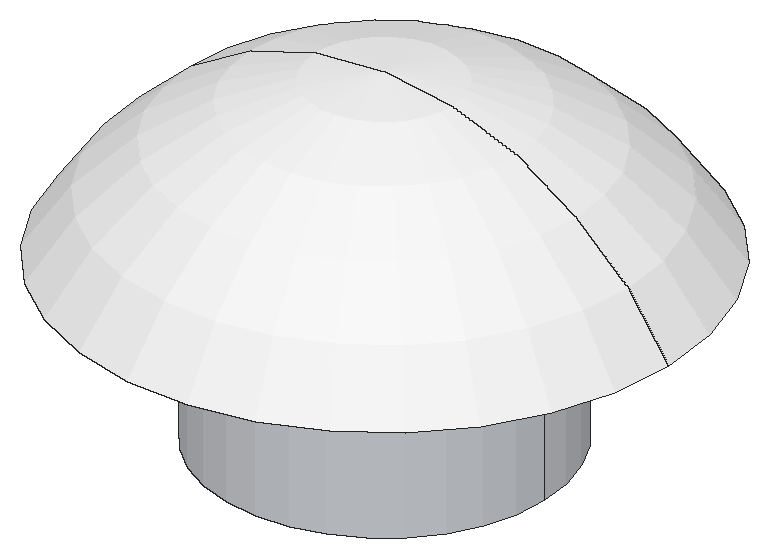
Revit family "CADS_AIRFLOWdev_AirTerminal_RoofCowl_Intake", category Mechanical Equipment, host Face, Revit 2015
Parameters (values of type "Grey Roof Cowl")
  WorkExecutionLevel = "N/A"
  WeeklyMaintenance = "N/A"
  WarrantyStartDate [instance] = "N/A"
  WarrantyPeriod = "2"
  WarrantyIdentifier = "N/A"
  WarrantyGuarantorParts = "info@airflow.com"
  WarrantyGuarantorLabor = "info@airflow.com"
  WarrantyGuarantor = "Airflow Developments Ltd"
  WarrantyEndDate [instance] = "N/A"
  WarrantyContent = "Replacement of part if faulty"
  Uniclass2015 = "Pr_65_70_46_01"
  TotalSurfaceArea [instance] = 0.00 m²
  TagNumber [instance] = "N/A"
  Status [instance] = "New"
  Size = "125 x 117 x 117"
  ShippingWeight = 0.018 kg
  Shape = "Round"
  ServiceLifeType = "EXPECTEDSERVICELIFE"
  ServiceLifeDuration = "10"
  SerialNumber [instance] = "N/A"
  RoofCowl = CADS_AirFlow_White
  ReplacementCost = "39.336"
  QuarterlyMaintenance = "N/A"
  QualityOfComponents = "N/A"
  ProductionYear = "2017"
  ProductLiterature = "N/A"
  PointOfContact = "Airflow Developments Ltd"
  Perimeter [instance] = 0 mm
  OutdoorEnviornment = "N/A"
  OperationAndMaintenanceManual = "N/A"
  NumberOfSlots = 0
  NominalWidth = 117 mm
  NominalLength = 125 mm
  NominalHeight = 117 mm
  NBSCode = "90-75-50/370 Air terminals;"
  MountingType = "SURFACE"
  MonthlyMaintenance = "N/A"
  ModelReference = "9004554"
  ModelLabel = "Roof Cowl Grey A.B.S."
  MeanTimeBetweenFailure = "N/A"
  Material = "Plastic"
  ManufacturerWebsite = "www.airflow.com"
  ManufacturerTelephone = "01494 525252"
  ManufacturerE-Mail = "info@airflow.com"
  ManufacturerAddress = "Aidelle House\nLancaster Road\nCressex Business Park\nHigh Wycombe\nBucks\nHP123QP"
  Manufacturer = "Airflow Developments Ltd"
  MaintenanceRequired8001to12000hrs = "N/A"
  MaintenanceRequired601to1000hrs = "N/A"
  MaintenanceRequired4001to8000hrs = "N/A"
  MaintenanceRequired301to600hrs = "N/A"
  MaintenanceRequired2001to4000hrs = "N/A"
  MaintenanceRequired1001to2000hrs = "N/A"
  MaintenanceRequired0to300hrs = "N/A"
  MaintenanceLevel = "N/A"
  IsExtendedWarranty = no
  IndoorEnviornment = "N/A"
  InUseConditions = "N/A"
  ISO90001 = yes
  ISO140001 = yes
  HasThermalInsulation = no
  HasSoundAttenuator = no
  HasIntegralControl = no
  GrossWeight = 0.015 kg
  Grade = "Virgin"
  GlobalTradeItemNumber = "5019009310442"
  FlowControlType = "NONE"
  Flow [instance] = 0.0 L/s
  Features [instance] = "Roof Cowl Grey A.B.S."
  FaceType = "LOUVERED"
  Exclusions = "Incorrect Use / Incorrect Installation / Installed by a non-accredited electrician. Customer abuse."
  DurationUnit = "Years"
  DesignLevel = "N/A"
  Description = "Roof Cowl Grey A.B.S."
  Default Elevation = 1219.2 mm
  DailyMaintenance = "N/A"
  Constituents = "Grey"
  Color = "Grey"
  CodePerformance = "N/A"
  CEApproval = yes
  BespokeTimeFrameMaintenance = "N/A"
  AssetType = "Fixed"
  AssetIdentifier [instance] = "N/A"
  AssemblyPlace = "N/A"
  AnnualMaintenance = "N/A"
  AirflowRateRange = "0-61"
  AccessibilityPerformance = "N/A"
  A = 200 mm
  6MonthlyMaintenance = "Visually inspect system, clean the fan and ducting if necessary"
Reference planes
  plane 1 "Center (Front/Back)": y = 0
  plane 2: z = 0
  plane 3 "Center (Left/Right)": x = 0
  plane 4: x = -100
  plane 5: x = 100
  plane 6: y = 100
  plane 7: y = -100
  plane 8: z = 57.5
  plane 9: z = -57.5
Forms (mm)
  Extrusion 1, solid
    sketch origin (0, 0, 0) x (1, 0, 0) y (0, 1, 0)
      loop
        circle (0, 0) r 56.5
    from -57.5 to 0
  Revolve 2, solid, material "CADS_AirFlow_White" <- "RoofCowl"
    sketch origin (0, 0, 0) x (1, 0, 0) y (0, 0, 1)
      loop
        arc (100, 0) -> (57.676, 42.1) -> (0, 57.5) r 115.707
        line (0, 57.5) -> (0, 55.5)
        arc (0, 55.5) -> (56.173, 40.656) -> (97.679, 0) r 113.707
        line (97.679, 0) -> (100, 0)
      axis (0, 57.5) -> (0, 0)
    angle from 0 to 360
Dimensions and locks
  equal spacing: plane 6, plane 1 "Center (Front/Back)", plane 7
  equal spacing: plane 4, plane 3 "Center (Left/Right)", plane 5
  locked: plane 4 to plane 5 at 200
  locked: plane 6 to plane 7 at 200
  equal spacing: plane 8, level, plane 9
  plane 8 to plane 9 = 115 mm
  diameter of Extrusion 1 sketch curve = 113 mm
  aligned and locked: plane 2 to host face
  aligned and locked: level to host face
  aligned and locked: Extrusion 1 to plane 9
  aligned and locked: level to Extrusion 1
  aligned and locked: Revolve 2 sketch curve to plane 3 "Center (Left/Right)"  (x2)
  aligned and locked: plane 8 to Revolve 2 sketch curve
  aligned and locked: level to Revolve 2 sketch curve
Automatic sketch dimensions
  host sketch curve to host sketch curve = 2438.4 mm  (x2)
  plane 1 "Center (Front/Back)" to Extrusion 1 sketch curve = 0 mm
  Extrusion 1 sketch curve to plane 3 "Center (Left/Right)" = 0 mm
  Revolve 2 sketch curve to Revolve 2 sketch curve = 0 mm
  Revolve 2 sketch curve to plane 5 = 0 mm
  Revolve 2 sketch curve to plane 8 = 2 mm
  Revolve 2 sketch curve to Revolve 2 sketch curve = 551.393 mm
  Revolve 2 sketch curve to Revolve 2 sketch curve = 2551.558 mm
Connectors
  hvac at (0, 0, 0), driven by "Flow"
    settings: on Extrusion 1, index 1, duct flow 0.0 L/s, flow factor 0, pres drop 0.0 Pa, loss coef 0, conn angle 0.00°, conn width 304.8 mm, conn height 304.8 mm, conn diameter 100 mm, duct sys type 4, conn prof type 0, flow config 0, flow direction 2, loss method 0, conn ref index -1, conn util no, is conn primary yes, conn desc ""
